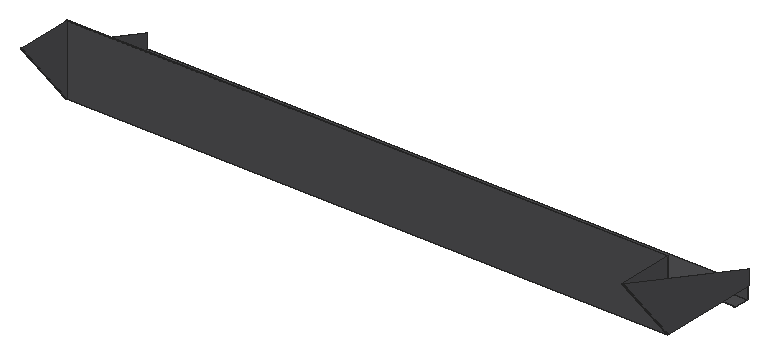
Revit family "BIMLIB_ПланкаПримыканиеНижнееКТрубеФальц_GRANDLINE", category Обобщенные модели, Revit 2017
Family settings
  Может служить основой для арматурных стержней = Нет
  Размер круглого соединителя = Использовать диаметр
  Тип детали = Нормальный
  При загрузке вырезать с полостями = Нет
  Общий = Нет
  Точка расчета площади = Нет
Parameters (values of type "Стык конверт")
  Стык_Упрощенный = not(Стык_Конверт)  # no
  Стык_Конверт = yes
  Описание = ADSK_Наименование  # "Планка примыкание нижнее к трубе фальц"
  Кровля_Угол [instance] = 0.00°
  Изготовитель = "Grand Line"  # constant formula
  built-in parameter 1001306 [instance] = 1200 mm
  Watermarked By = ""
  URL = "https://www.grandline.ru"
  BL_Разработано = "support@bimlib.pro"
  BL_Email = "info@grandline.ru"
  BL_BIM library = "https://bimlib.pro/manufacturer/company/22430"
  ADSK_Размер_Длина [instance] = [built-in parameter 1001306]  # 1200 mm
  ADSK_Обозначение = "ГОСТ 19904-90, ГОСТ 14918-80"
  ADSK_Наименование = "Планка примыкание нижнее к трубе фальц"
  ADSK_Материал = GL_Сталь_RAL9005
  ADSK_Масса_Текст [instance] = ""
  ADSK_Масса [instance] = 0
  ADSK_Марка = ""
  ADSK_Код изделия = "М.15.025.005"  # constant formula
  ADSK_Завод-изготовитель = "Grand Line"  # constant formula
  ADSK_Версия Revit = "2017"  # constant formula
  ADSK_URL страницы изделия = ""
  ADSK_URL документации изделия = ""
Types (2, lengths in mm): name | Стык_Упрощенный | Стык_Конверт
  Стык упрощенный | yes | no
  Стык конверт | no | yes
Reference planes
  plane 1 "По центру (Вперед/Назад)": y = 0
  plane 2: z = 0
  plane 3 "Слева": x = 0
  plane 4 "Справа": x = 1200
Forms (mm)
  Sweep 1, solid, material "GL_Сталь_RAL9005" <- "ADSK_Материал"
    path in 3D
      loop
        line (0, 0, 0) -> (1200, 0, 0)
    profile "Профиль_ПланкаПримыканиеКТрубеНижнее : Профиль_ПланкаПримыканиеКТрубеНижнее" origin (600, 0, 0) x (0, 1, 0) y (0, 0, 1)
      loop
        line (0.8, 140) -> (0, 140) -> (0, 0) -> (199.2, 0) -> (199.2, -25.4) -> (170, -25.4) -> (170, -26.2) -> (200, -26.2) -> (200, 0.8) -> (0.8, 0.8) -> (0.8, 140)
Lines and regions (mm)
  reference lines
    curve 1: line (0, 0, 0) -> (1200, 0, 0)
  sketch lines
    curve 2: line (0, 0, 0) -> (1200, 0, 0)
Dimensions and locks
  "built-in parameter 1001306": plane 3 "Слева" to plane 4 "Справа"
  aligned and locked: plane 4 "Справа" to curve 1
  aligned and locked: plane 1 "По центру (Вперед/Назад)" to curve 1
  aligned and locked: plane 3 "Слева" to curve 1
  aligned and locked: level to plane 2
  aligned and locked: nested 1 to plane 2
  aligned and locked: plane 1 "По центру (Вперед/Назад)" to nested 1
  aligned and locked: plane 3 "Слева" to nested 3
  aligned and locked: plane 4 "Справа" to nested 4
  aligned and locked: plane 3 "Слева" to nested 1
  aligned and locked: plane 4 "Справа" to nested 2
Nested families
  nested 1: "СтыковкаКонвертик" at (0, 0, 0), visible <- "Стык_Конверт", Материал <- "ADSK_Материал", type "СтыковкаКонвертик"
    with Материал GL_Сталь_RAL9005
  nested 2: "СтыковкаКонвертик" at (1200, 0, 0) x (-1, 0, 0) z (0, 0, 1), visible <- "Стык_Конверт", Материал <- "ADSK_Материал", type "СтыковкаКонвертик"
    with Материал GL_Сталь_RAL9005
  nested 3: "СтыковкаУпрощенная" at (0, 0, 0), visible <- "Стык_Упрощенный", Материал <- "ADSK_Материал", type "СтыковкаУпрощенная"
    with Материал GL_Сталь_RAL9005
  nested 4: "СтыковкаУпрощенная" at (1200, 0, 0) x (-1, 0, 0) z (0, 0, 1), visible <- "Стык_Упрощенный", Материал <- "ADSK_Материал", type "СтыковкаУпрощенная"
    with Материал GL_Сталь_RAL9005
Definition of nested family "СтыковкаКонвертик"
  Parameters (values of type "СтыковкаКонвертик")
    Материал [instance] = none
    Watermarked By = ""
  Reference planes
    plane 1 "По центру (Вперед/Назад)": y = 0
    plane 2: z = 0
    plane 3 "По центру (Влево/Вправо)": x = 0
    plane 4: z = 100
    plane 5: y = 200
    plane 6: z = 30
    plane 7: z = 140
    plane 8: x = 0.8
    plane 9: x = -0.8
  Forms (mm)
    Extrusion 1, solid, material <- "Материал"
      sketch origin (0, 0, 0) x (0, 1, 0) y (0, 0, 1)
        loop
          line (200, 0) -> (200, 30) -> (-114.286, 140) -> (0, 0) -> (200, 0)
      from -0.8 to 0
    Extrusion 2, solid, material <- "Материал"
      sketch origin (0, 0, 0) x (0, 1, 0) y (0, 0, 1)
        loop
          line (0, 0) -> (0, 140) -> (-114.286, 140) -> (0, 0)
      from 0.8 to 0
  Dimensions and locks
    equal spacing: plane 9, plane 3 "По центру (Влево/Вправо)", plane 8
    plane 3 "По центру (Влево/Вправо)" to plane 8 = 0.8 mm
    aligned and locked: level to plane 2
    aligned and locked: Extrusion 2 to plane 3 "По центру (Влево/Вправо)"
    aligned and locked: plane 3 "По центру (Влево/Вправо)" to Extrusion 1
    aligned and locked: Extrusion 2 to plane 8
    aligned and locked: plane 9 to Extrusion 1
  Automatic sketch dimensions
    Extrusion 1 sketch curve to plane 7 = 0 mm
    Extrusion 1 sketch curve to level = 0 mm
    Extrusion 1 sketch curve to plane 1 "По центру (Вперед/Назад)" = 0 mm
    Extrusion 1 sketch curve to plane 5 = 0 mm
    Extrusion 1 sketch curve to plane 6 = 0 mm
    plane 1 "По центру (Вперед/Назад)" to Extrusion 1 sketch curve = 114.286 mm
    Extrusion 2 sketch curve to plane 7 = 0 mm
    Extrusion 2 sketch curve to plane 1 "По центру (Вперед/Назад)" = 0 mm
    Extrusion 2 sketch curve to level = 0 mm
    plane 1 "По центру (Вперед/Назад)" to Extrusion 2 sketch curve = 114.286 mm
Definition of nested family "СтыковкаУпрощенная"
  Parameters (values of type "СтыковкаУпрощенная")
    Материал [instance] = none
    Watermarked By = ""
  Reference planes
    plane 1 "По центру (Вперед/Назад)": y = 0
    plane 2: z = 0
    plane 3 "По центру (Влево/Вправо)": x = 0
    plane 4: y = 200
    plane 5: z = 30
    plane 6: z = 140
    plane 7: x = -0.8
    plane 8: y = 30
  Forms (mm)
    Extrusion 1, solid, material <- "Материал"
      sketch origin (0, 0, 0) x (0, 1, 0) y (0, 0, 1)
        loop
          line (200, 0) -> (200, 30) -> (30, 30) -> (30, 140) -> (0, 140) -> (0, 0) -> (200, 0)
      from -0.8 to 0
  Dimensions and locks
    locked: plane 7 to plane 3 "По центру (Влево/Вправо)" at 0.8
    aligned and locked: level to plane 2
    aligned and locked: plane 3 "По центру (Влево/Вправо)" to Extrusion 1
    aligned and locked: plane 7 to Extrusion 1
    aligned and locked: Extrusion 1 to plane 3 "По центру (Влево/Вправо)"
    aligned and locked: Extrusion 1 to plane 7
